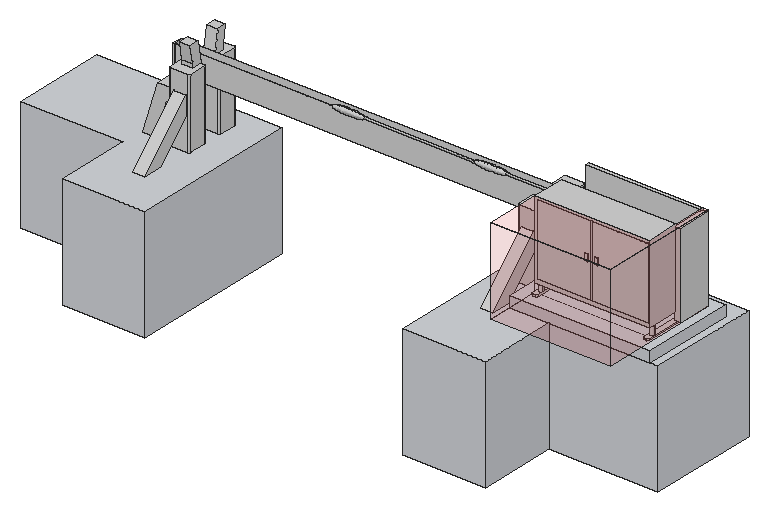
Revit family "Barrier_Gate-Assembly_AutoGate_Shield-M50", category Generic Models, Revit 2015
Parameters (values of type "as Specified")
  lightcontrol [instance] = Clear Opening Width / 2  # 8' - 0"
  gateclear [instance] = 1' - 6 13/16"  # constant formula
  Warranty Duration (Years) = 0
  Warning Light Color [instance] = none
  Unit Width [instance] = Clear Opening Width + 1' 8" + 1' 9"  # 19' - 5"
  Unit Height [instance] = 8' - 0"
  Unit Depth = 0' - 4"
  URL = "http://autogate.com/"
  Standards Conformance = "ASTM F2656 M50/P1  ;  DOS K12/L3"
  Specification = "http://www.arcat.com/sdspecs/htm04/32_31_00saf.htm"
  SpecWizard = ""
  Space Below Gate [instance] = 0' - 3"
  Show Default Concrete Foundation [instance] = yes
  Show Clearance Box for Operator Maintenance [instance] = yes
  Shield Arm Color [instance] = Metal - Aluminum - Finish as Specified
  Send Message = ""
  Sales Information = "http://autogate.com/about-us/contact/"
  Revision = "R1_2016-11"
  Product Properties = ""
  Product Data = "http://www.arcat.com/arcatcos/cos48/arc48891.html"
  Model = "The Shield M50"
  Maximum Clear Opening [instance] = 17' - 0"  # constant formula
  Mass Interior Design Shape Visible [instance] = yes
  Manufacturer Website = "http://autogate.com/"
  Manufacturer Phone - Toll Free = "800-944-4283"
  Manufacturer Phone = "419-588-2796"
  Manufacturer Fax = "419-588-3514"
  Manufacturer Address = "7306 Driver Rd.  P. O. Box 50  Berlin Heights, OH 44814"
  Manufacturer = "AutoGate, Inc"
  Maintenance Schedule (Months) = 0
  Lift Travel Speed = "10 - 14 seconds"
  Keynote = "32 21 00"
  Installation-Fabrication = ""
  Installation Phase = ""
  Include Warning Lights [instance] = yes
  Has Battery Backup = no
  Hardware Finish [instance] = Metal - Aluminum - Finish as Specified
  Green Building-LEED = ""
  Frame Finish [instance] = Metal - Aluminum - Finish as Specified
  Expected Lifespan (Years) = 0
  Electrical_Voltage = 115 V
  Drawn By = "Sumex Design, Inc. / Robert S. Weygant, CSI, CDT, SCIP"
  Description = "AutoGate Anti-Ram M50 Vertical Pivot Gate - The Shield with Arm Design as Specified"
  Default Elevation = 0' - 0"
  Cover Finish [instance] = Metal - Aluminum - Finish as Specified
  Copyright = "©Arcat Inc."
  Construction Details = "http://www.arcat.com/details/autogate/autogate.html?coid=48891"
  Clearance Material [instance] = ARCAT Clearance
  Clear Opening Width [instance] = 16' - 0"
  Bottom Rail Height [instance] = 0' - 4 1/2"
  Barrier Open [instance] = not(Barrier Closed)  # no
  Barrier Interior Material [instance] = Metal - Linked Aluminum - Finish as Specified
  Barrier Guard Extension [instance] = 0' - 6 1/4"
  Barrier Closed [instance] = yes
  Available Options [instance] = "as Specified"
  Assembly Code = "E1030900"
Reference planes (in)
  plane 1 "Center (Front/Back)": y = 0
  plane 2 "Bottom": z = 0
  plane 3 "Center (Left/Right)": x = 0
  plane 4: x = -96
  plane 5: x = 96
  plane 6: z = 15
  plane 7: x = 114
  plane 8: z = 36
  plane 9: z = 228
Forms (in)
  Extrusion 1, solid, visible <- "Show Default Concrete Foundation"
    sketch origin (0, 0, 0) x (1, 0, 0) y (0, 1, 0)
      loop
        line (-186, 28) -> (-186, -28) -> (-126, -28) -> (-126, -72) -> (-78, -72) -> (-78, 28) -> (-186, 28)
      loop
        line (82.5, -84) -> (130.5, -84) -> (130.5, -38) -> (194.5, -38) -> (194.5, 28) -> (82.5, 28) -> (82.5, -84)
    from 0 to -66
  Extrusion 2, solid, visible <- "Show Default Concrete Foundation"
    sketch origin (0, 0, 0) x (1, 0, 0) y (0, 1, 0)
      loop
        line (108, 17) -> (108, -38) -> (190, -38) -> (190, 17) -> (108, 17)
    from 0 to 6
  Extrusion 3, solid, material "Metal - Aluminum - Finish as Specified" <- "Hardware Finish"
    sketch origin (0, 0, 0) x (1, 0, 0) y (0, 1, 0)
      loop
        arc (96, 6) -> (96.29289, 5.29289) -> (97, 5) r 1
        line (97, 5) -> (107, 5)
        arc (107, 5) -> (107.70711, 5.29289) -> (108, 6) r 1
        line (108, 6) -> (108, 16)
        arc (108, 16) -> (107.70711, 16.70711) -> (107, 17) r 1
        line (107, 17) -> (97, 17)
        arc (97, 17) -> (96.29289, 16.70711) -> (96, 16) r 1
        line (96, 16) -> (96, 6)
      loop
        line (96, -6) -> (96, -16)
        arc (96, -16) -> (96.29289, -16.70711) -> (97, -17) r 1
        line (97, -17) -> (107, -17)
        arc (107, -17) -> (107.70711, -16.70711) -> (108, -16) r 1
        line (108, -16) -> (108, -6)
        arc (108, -6) -> (107.70711, -5.29289) -> (107, -5) r 1
        line (107, -5) -> (97, -5)
        arc (97, -5) -> (96.29289, -5.29289) -> (96, -6) r 1
      loop
        line (-96, 6) -> (-96, 16)
        arc (-96, 16) -> (-96.29289, 16.70711) -> (-97, 17) r 1
        line (-97, 17) -> (-107, 17)
        arc (-107, 17) -> (-107.70711, 16.70711) -> (-108, 16) r 1
        line (-108, 16) -> (-108, 6)
        arc (-108, 6) -> (-107.70711, 5.29289) -> (-107, 5) r 1
        line (-107, 5) -> (-97, 5)
        arc (-97, 5) -> (-96.29289, 5.29289) -> (-96, 6) r 1
      loop
        arc (-96, -6) -> (-96.29289, -5.29289) -> (-97, -5) r 1
        line (-97, -5) -> (-107, -5)
        arc (-107, -5) -> (-107.70711, -5.29289) -> (-108, -6) r 1
        line (-108, -6) -> (-108, -16)
        arc (-108, -16) -> (-107.70711, -16.70711) -> (-107, -17) r 1
        line (-107, -17) -> (-97, -17)
        arc (-97, -17) -> (-96.29289, -16.70711) -> (-96, -16) r 1
        line (-96, -16) -> (-96, -6)
    from 0 to 40.75
  Extrusion 4, solid, material "Metal - Aluminum - Finish as Specified" <- "Hardware Finish"
    sketch origin (0, 0, 0) x (1, 0, 0) y (0, 0, 1)
      loop
        line (-116.1875, 29) -> (-125.10147, 0) -> (-116.41059, 0) -> (-110.89242, 21) -> (-108, 21) -> (-108, 29) -> (-116.1875, 29)
    from 15 to 7
  Extrusion 5, solid, material "Metal - Aluminum - Finish as Specified" <- "Hardware Finish"
    sketch origin (0, 0, 0) x (1, 0, 0) y (0, 0, 1)
      loop
        line (-108, 21) -> (-108, 29) -> (-116.1875, 29) -> (-125.10147, 0) -> (-116.41059, 0) -> (-110.89242, 21) -> (-108, 21)
    from -15 to -7
  Extrusion 6, solid, material "Metal - Aluminum - Finish as Specified" <- "Hardware Finish"
    sketch origin (96, -180, 63.31719) x (0, 0, 1) y (0, -1, 0)
      loop
        line (-33.56719, -163) -> (-63.31719, -133.25) -> (-63.31719, -144.56371) -> (-44.8809, -163) -> (-33.56719, -163)
    from 2 to 9
  Extrusion 7, solid, material "Metal - Aluminum - Finish as Specified" <- "Hardware Finish"
    sketch origin (-96, -180, 63.31719) x (0, 0, 1) y (0, -1, 0)
      loop
        line (-33.56719, -163) -> (-63.31719, -133.25) -> (-63.31719, -144.56371) -> (-44.8809, -163) -> (-33.56719, -163)
    from -9 to -2
  Extrusion 8, solid, material "Metal - Aluminum - Finish as Specified" <- "Shield Arm Color", visible <- "Barrier Closed"
    sketch origin (0, 0, 0) x (1, 0, 0) y (0, 0, 1)
      loop
        line (-116, 44) -> (-116, 29.5) -> (118, 29.5) -> (118, 44) -> (-116, 44)
    from 2.5574 to 2.77886
  Extrusion 9, solid, material "Metal - Aluminum - Finish as Specified" <- "Shield Arm Color", visible <- "Barrier Closed"
    sketch origin (0, 0, 0) x (1, 0, 0) y (0, 0, -1)
      loop
        line (-116, -44) -> (118, -44) -> (118, -29.5) -> (-116, -29.5) -> (-116, -44)
    from 2.5574 to 2.77886
  Extrusion 10, solid, material "Metal - Aluminum - Finish as Specified" <- "Shield Arm Color", visible <- "Barrier Open"
    sketch origin (127.5, 0, 141.5) x (0, 0, -1) y (1, 0, 0)
      loop
        line (-106.75, 11.5) -> (-106.75, -3) -> (105.5, -3) -> (105.5, 11.5) -> (-106.75, 11.5)
    from 2.5574 to 2.77886
  Extrusion 11, solid, material "Metal - Aluminum - Finish as Specified" <- "Shield Arm Color", visible <- "Barrier Open"
    sketch origin (127.5, 0, 141.5) x (0, 0, -1) y (-1, 0, 0)
      loop
        line (-106.75, -11.5) -> (105.5, -11.5) -> (105.5, 3) -> (-106.75, 3) -> (-106.75, -11.5)
    from 2.5574 to 2.77886
  Extrusion 12, solid, material "Metal - Aluminum - Finish as Specified" <- "Hardware Finish"
    sketch origin (0, 0, 0) x (1, 0, 0) y (0, 0, -1)
      loop
        line (108, -39.25) -> (134.47446, 0) -> (127.23715, 0) -> (108, -28.52025) -> (108, -39.25)
    from 16 to 13
  Extrusion 13, solid, material "Metal - Aluminum - Finish as Specified" <- "Shield Arm Color", visible <- "Barrier Closed"
    sketch origin (0, 0, 0) x (1, 0, 0) y (0, 0, 1)
      loop
        line (-117, 44) -> (-117, 29.5) -> (-116, 29.5) -> (-116, 44) -> (-117, 44)
    from -2.77886 to 2.77886
  Extrusion 14, solid, material "Metal - Aluminum - Finish as Specified" <- "Shield Arm Color", visible <- "Barrier Open"
    sketch origin (0, 0, 0) x (1, 0, 0) y (0, 0, 1)
      loop
        line (124.5, 248.25) -> (139, 248.25) -> (139, 249.25) -> (124.5, 249.25) -> (124.5, 248.25)
    from -2.77886 to 2.77886
  Extrusion 15, solid, material "Metal - Aluminum - Finish as Specified" <- "Hardware Finish"
    sketch origin (-96, -180, 63.31719) x (0, 0, 1) y (0, -1, 0)
      loop
        line (-22.56719, -175) -> (-9.81719, -172.75183) -> (-9.81719, -167.19265) -> (-20.06719, -169) -> (-22.56719, -169) -> (-22.56719, -175)
      loop
        line (-22.56719, -185) -> (-22.56719, -191) -> (-20.06719, -191) -> (-9.81719, -192.80735) -> (-9.81719, -187.24817) -> (-22.56719, -185)
    from -9 to -3
  Extrusion 16, solid, material "Metal - Aluminum - Finish as Specified" <- "Shield Arm Color"
    sketch origin (0, 0, 0) x (1, 0, 0) y (0, 0, 1)
      loop
        circle (-111, 36.25) r 1.25
      loop
        circle (110.19215, 36.25) r 1.25
    from 7.5 to -7.5
Lines and regions (in)
  reference lines
    curve 1: line (114, 0, 15) -> (114, 0, 24.25)
Dimensions and locks (in)
  equal spacing: plane 5, plane 3 "Center (Left/Right)", plane 4
  "Clear Opening Width": plane 5 to plane 4
  locked: Extrusion 1 sketch curve to Extrusion 1 sketch curve at 108
  locked: Extrusion 1 sketch curve to plane 4 at 90
  locked: plane 5 to Extrusion 3 sketch curve at 12  (x2)
  Extrusion 3 sketch curve to Extrusion 3 sketch curve to plane 1 "Center (Front/Back)" to Extrusion 3 sketch curve to Extrusion 3 sketch curve = 1' - 0" locked, 0' - 5" locked, 0' - 5" locked, 1' - 0" locked  (x2)
  locked: Extrusion 3 sketch curve to plane 4 at 12  (x2)
  plane 7 to plane 5 = 1' - 6"
  locked: plane 6 to level at 15
  locked: plane 8 to plane 6 at 21
  "Clear Opening Width": plane 9 to plane 8
  Extrusion 1 sketch curve to Extrusion 1 sketch curve to plane 1 "Center (Front/Back)" to Extrusion 1 sketch curve = 3' - 8" locked, 2' - 4" locked, 2' - 4" locked
  Extrusion 1 sketch curve to Extrusion 1 sketch curve to plane 1 "Center (Front/Back)" to Extrusion 1 sketch curve = 3' - 10" locked, 3' - 2" locked, 2' - 4" locked
  Extrusion 1 sketch curve to plane 5 to Extrusion 1 sketch curve to Extrusion 1 sketch curve = 1' - 1 1/2" locked, 2' - 10 1/2" locked, 5' - 4" locked
  locked: Extrusion 1 sketch curve to plane 4 at 30
  plane 4 to Extrusion 5 sketch curve to Extrusion 5 sketch curve to Extrusion 5 sketch curve to Extrusion 5 sketch curve to Extrusion 5 sketch curve = 1' - 0" locked, 0' - 2.89242" locked, 0' - 5.29508" locked, 0' - 0.22309" locked, 0' - 8.69088" locked
  plane 4 to Extrusion 4 sketch curve to Extrusion 4 sketch curve to Extrusion 4 sketch curve to Extrusion 4 sketch curve to Extrusion 4 sketch curve = 1' - 0" locked, 0' - 2.89242" locked, 0' - 5.29508" locked, 0' - 0.22309" locked, 0' - 8.69088" locked
  plane 5 to Extrusion 2 sketch curve to Extrusion 2 sketch curve = 1' - 0" locked, 6' - 10" locked
  locked: plane 4 to Extrusion 8 sketch curve at 20
  locked: plane 4 to Extrusion 9 sketch curve at 20
  locked: Extrusion 8 sketch curve to plane 5 at 22
  locked: Extrusion 9 sketch curve to plane 5 at 22
  Extrusion 12 sketch curve to Extrusion 12 sketch curve to plane 2 "Bottom" = 0' - 10.72975" locked, 2' - 4.52025" locked
  Extrusion 12 sketch curve to Extrusion 12 sketch curve to Extrusion 12 sketch curve to plane 5 = 0' - 7.23731" locked, 1' - 7.23715" locked, 1' - 0" locked
  Extrusion 8 sketch curve to level = 2' - 5 1/2"
  locked: Extrusion 8 sketch curve to Extrusion 8 sketch curve at 14.5
  Extrusion 9 sketch curve to Extrusion 9 sketch curve to level = 1' - 2 1/2" locked, 2' - 5 1/2" locked
  Extrusion 7 sketch curve to Extrusion 7 sketch curve to plane 2 "Bottom" = 0' - 11.31371" locked, 1' - 6.43629" locked
  Extrusion 7 sketch curve to Extrusion 7 sketch curve to Extrusion 7 sketch curve to plane 1 "Center (Front/Back)" = 0' - 11.31371" locked, 1' - 6.43629" locked, 1' - 5" locked
  Extrusion 6 sketch curve to Extrusion 6 sketch curve to Extrusion 6 sketch curve to plane 1 "Center (Front/Back)" = 0' - 11.31371" locked, 1' - 6.43629" locked, 1' - 5" locked
  Extrusion 6 sketch curve to Extrusion 6 sketch curve to plane 2 "Bottom" = 0' - 11.31371" locked, 1' - 6.43629" locked
  locked: Extrusion 10 sketch curve to plane 9 at 20.25
  locked: Extrusion 11 sketch curve to plane 9 at 20.25
  plane 4 to Extrusion 13 sketch curve to Extrusion 13 sketch curve = 1' - 8" locked, 0' - 1" locked
  Extrusion 13 sketch curve to Extrusion 13 sketch curve to plane 2 "Bottom" = 1' - 2 1/2" locked, 2' - 5 1/2" locked
  locked: Extrusion 14 sketch curve to Extrusion 14 sketch curve at 14.5
  Extrusion 14 sketch curve to Extrusion 14 sketch curve to plane 9 = 0' - 1" locked, 1' - 8 1/4" locked
  Extrusion 10 sketch curve to Extrusion 10 sketch curve to plane 5 = 1' - 2 1/2" locked, 2' - 4 1/2" locked
  Extrusion 11 sketch curve to Extrusion 11 sketch curve to plane 5 = 1' - 2 1/2" locked, 2' - 4 1/2" locked
  locked: Extrusion 14 sketch curve to plane 5 at 28.5
  aligned and locked: plane 5 to Extrusion 3 sketch curve
  aligned and locked: Extrusion 3 sketch curve to plane 5
  aligned and locked: plane 7 to curve 1
  aligned and locked: plane 6 to curve 1
  aligned and locked: plane 8 to Extrusion 10 sketch curve
  aligned and locked: Extrusion 11 sketch curve to plane 8
  aligned and locked: plane 5 to nested 1
Automatic sketch dimensions
  curve 1 to curve 1 = 0' - 9 1/4"
  Extrusion 4 sketch curve to level = 0' - 0"
  plane 6 to Extrusion 4 sketch curve = 0' - 6"
  Extrusion 4 sketch curve to Extrusion 4 sketch curve = 0' - 8"
  Extrusion 5 sketch curve to level = 0' - 0"
  plane 6 to Extrusion 5 sketch curve = 0' - 6"
  Extrusion 5 sketch curve to Extrusion 5 sketch curve = 0' - 8"
  Extrusion 3 sketch curve to plane 4 = 0' - 0"  (x2)
  Extrusion 3 sketch curve to Extrusion 3 sketch curve = 0' - 1"  (x12)
  Extrusion 3 sketch curve to plane 4 = 0' - 1"  (x3)
  plane 5 to Extrusion 3 sketch curve = 0' - 1"
  plane 1 "Center (Front/Back)" to Extrusion 2 sketch curve = 3' - 2"
  Extrusion 2 sketch curve to plane 1 "Center (Front/Back)" = 1' - 5"
  Extrusion 12 sketch curve to level = 0' - 0"
  Extrusion 7 sketch curve to level = 0' - 0"
  Extrusion 6 sketch curve to level = 0' - 0"
  plane 8 to Extrusion 16 sketch curve = 0' - 0 1/4"  (x2)
  Extrusion 16 sketch curve to plane 4 = 1' - 3"
  Extrusion 16 sketch curve to plane 7 = 0' - 3.80785"
  plane 8 to Extrusion 15 sketch curve = 0' - 4 3/4"  (x2)
  Extrusion 15 sketch curve to Extrusion 15 sketch curve = 0' - 2 1/2"  (x2)
  Extrusion 15 sketch curve to Extrusion 15 sketch curve = 0' - 10 1/4"  (x2)
  Extrusion 15 sketch curve to plane 1 "Center (Front/Back)" = 1' - 0.80735"
  Extrusion 15 sketch curve to Extrusion 15 sketch curve = 0' - 1.80735"
  Extrusion 15 sketch curve to Extrusion 15 sketch curve = 0' - 6"  (x2)
  plane 1 "Center (Front/Back)" to Extrusion 15 sketch curve = 0' - 5"
  plane 1 "Center (Front/Back)" to Extrusion 15 sketch curve = 0' - 7.24817"
  Extrusion 15 sketch curve to Extrusion 15 sketch curve = 0' - 5.55918"  (x2)
  radius of Extrusion 16 sketch curve = 0' - 1 1/4"  (x2)
Nested families (in)
  nested 1: "Barrier_Gate-Operator_AutoGate_Pivot" at (180.8125, 0, 6), Clearance Box Material <- "Clearance Material", Frame Finish <- "Cover Finish", Space Below Gate <- "Space Below Gate", Clearance Box for Maintenance <- "Show Clearance Box for Operator Maintenance", Closed <- "Barrier Closed", Open <- "Barrier Open", Clear Location <- "gateclear", Warning Light Color <- "Warning Light Color", Warning Light <- "Include Warning Lights", Gate Height <- "Unit Height", Unit Width <- "Unit Width", lightcontrol <- "lightcontrol", type "as Specified"
    with warningopen no, warningclosed yes, lightcontrol 8' - 0", Warning Light Color none, Warning Light yes, Unit Width 19' - 5", Space Below Gate 0' - 3", Open no, Guard Depth 0' - 3 1/2", Gate Height 8' - 0", Frame Finish Metal - Aluminum - Finish as Specified, Closed yes, Clearance Box for Maintenance yes, Clearance Box Material ARCAT Clearance, Clear Location 1' - 6 13/16", ArmOnly yes
Connectors (in)
  electrical at (183.51817, 10, 31.5), driven by "Electrical_Voltage"
    settings: on nested 1, index 1, voltage 115 V, apparent load 0 VA, apparent load phase1 0 VA, apparent load phase2 0 VA, apparent load phase3 0 VA, power factor 1, load classification "Other", number of poles 1, system type 31, power factor state 1, is connector primary yes, connector utility no, sub classification motor no, connector description ""
Definition of nested family "Barrier_Gate-Operator_AutoGate_Pivot"
  Parameters
    warningopen [instance] = and(Warning Light, Open)  # yes
    warningclosed [instance] = and(Warning Light, Closed)  # yes
    lightcontrol [instance] = 1' - 0.85416"
    Warranty Duration (Years) = 0
    Warning Light Color [instance] = none
    Warning Light [instance] = yes
    Unit Width [instance] = 11' - 0"
    Unit Depth = 2' - 4"
    URL = ""
    Specification = ""
    SpecWizard = ""
    Space Below Gate [instance] = 0' - 3"
    Send Message = ""
    Sales Information = ""
    Revision = "R1_2016-11"
    Product Properties = ""
    Product Data = ""
    Open [instance] = yes
    Model = "As Specified"
    Manufacturer Website = ""
    Manufacturer Phone - Toll Free = ""
    Manufacturer Phone = ""
    Manufacturer Fax = ""
    Manufacturer Address = ""
    Manufacturer = ""
    Maintenance Schedule (Months) = 0
    Keynote = ""
    Installation-Fabrication = ""
    Installation Phase = ""
    Guard Depth [instance] = if(ArmOnly, 0' 3 1/2", if(Gate Height < 6' 0", 0' 2 1/2", if(Gate Height < 7' 0", 0' 5 1/2", if(Gate Height < 8' 0", 1' 6 5/8", if(Gate Height < 9' 0", 2' 6 5/8", if(Gate Height < 10' 0", 3' 6 5/8", 0' 3 1/2"))))))  # 0' - 3 1/2"
    Green Building-LEED = ""
    Gate Height [instance] = 4' - 2"
    Frame Finish [instance] = none
    Expected Lifespan (Years) = 0
    Drawn By = "Sumex Design, Inc. / Robert S. Weygant, CSI, CDT, SCIP"
    Description = ""
    Default Elevation = 0' - 0"
    Copyright = "©Arcat Inc."
    Construction Details = ""
    Closed [instance] = yes
    Clearance Box for Maintenance [instance] = yes
    Clearance Box Material [instance] = none
    Clear Location [instance] = 1' - 0"
    Assembly Code = ""
    ArmOnly [instance] = yes
  Reference planes (in)
    plane 1 "Center (Front/Back)": y = 0
    plane 2 "Bottom": z = 0
    plane 3 "Center (Left/Right)": x = 0
    plane 4: x = -78
    plane 5: x = -66
    plane 6: x = -198
    plane 7: z = 7
    plane 8: x = 1
    plane 9: z = 139
  Forms (in)
    Extrusion 1, solid, material <- "Frame Finish"
      sketch origin (0, 0, 0) x (1, 0, 0) y (0, 0, 1)
        loop
          line (-66, 5.0625) -> (1, 5.0625) -> (1, 50.6875) -> (-66, 50.6875) -> (-66, 5.0625)
      from 8.75 to 28.25
    Extrusion 2, solid, material <- "Frame Finish"
      sketch origin (0, 0, 0) x (1, 0, 0) y (0, 0, -1)
        loop
          line (-66, -5.0625) -> (-66, -50.6875) -> (1, -50.6875) -> (1, -5.0625) -> (-66, -5.0625)
      from 8.8125 to 10.8125
    Extrusion 3, solid, material <- "Frame Finish"
      sketch origin (0, 0, 0) x (1, 0, 0) y (0, 0, 1)
        loop
          line (4.5, 50) -> (1, 50) -> (1, 1) -> (4.5, 1) -> (4.5, 50)
      from -10 to 10
    Extrusion 4, solid, material <- "Frame Finish"
      sketch origin (0, 0, 0) x (1, 0, 0) y (0, 0, 1)
        loop
          line (-66, 5.0625) -> (1, 5.0625) -> (1, 7) -> (-66, 7) -> (-66, 5.0625)
      from -10 to 10
    Extrusion 5, solid, material <- "Frame Finish"
      sketch origin (0, -28.25, 0) x (1, 0, 0) y (0, 0, 1)
        loop
          line (-64, 7.8125) -> (-33, 7.8125) -> (-33, 49.1875) -> (-64, 49.1875) -> (-64, 7.8125)
        loop
          line (-32, 7.8125) -> (0.5, 7.8125) -> (0.5, 49.1875) -> (-32, 49.1875) -> (-32, 7.8125)
      from 0.28125 to 0
    Extrusion 6, solid, material <- "Frame Finish"
      sketch origin (0, -28.53125, 0) x (1, 0, 0) y (0, 0, 1)
        loop
          line (-36.49692, 31.23717) -> (-36.49692, 27.48717) -> (-34.74692, 27.48717) -> (-34.74692, 31.23717) -> (-36.49692, 31.23717)
        loop
          line (-30.49692, 31.23717) -> (-30.49692, 27.48717) -> (-28.74692, 27.48717) -> (-28.74692, 31.23717) -> (-30.49692, 31.23717)
      from 0.25 to 0
    Extrusion 7, solid, material <- "Clearance Box Material", visible <- "Clearance Box for Maintenance"
      sketch origin (0, 0, 0) x (1, 0, 0) y (0, 1, 0)
        loop
          line (-66, -28.25) -> (-66, -60.75) -> (4.5, -60.75) -> (4.5, 10.8125) -> (1, 10.8125) -> (1, -28.25) -> (-66, -28.25)
      from 0 to 50.6875
    Extrusion 8, solid, material <- "Frame Finish"
      sketch origin (0, 0, 0) x (1, 0, 0) y (0, 1, 0)
        loop
          line (-65.25, -31) -> (-63.25, -31) -> (-62.5, -30.25) -> (-62.5, 11.5) -> (-66, 11.5) -> (-66, -30.25) -> (-65.25, -31)
        loop
          line (-0.25, -31) -> (1.75, -31) -> (2.5, -30.25) -> (2.5, 11.5) -> (-1, 11.5) -> (-1, -30.25) -> (-0.25, -31)
      from 0 to 0.75
    Extrusion 9, solid, material <- "Frame Finish"
      sketch origin (0, 0, 0) x (1, 0, 0) y (0, 1, 0)
        loop
          circle (-64.26725, -25.91368) r 1.25
        loop
          circle (-64.26725, 8.33632) r 1.25
        loop
          circle (0.73275, -25.91368) r 1.25
        loop
          circle (0.73275, 8.33632) r 1.25
      from 0.75 to 5.0625
    Revolve 10, solid, material <- "Frame Finish", visible <- "warningclosed"
      sketch origin (0.17287, -4, -0.0613) x (1, 0, 0) y (0, 0, 1)
        loop
          line (-66, 39) -> (-66, 39.5) -> (-102.1875, 39.5)
          spline (-102.1875, 39.5) -> (-102.49417, 39.75882) -> (-103.39327, 40) -> (-104.82354, 40.20711) -> (-106.6875, 40.36603) -> (-108.85813, 40.46593) -> (-111.1875, 40.5) -> (-113.51687, 40.46593) -> (-115.6875, 40.36603) -> (-117.55146, 40.20711) -> (-118.98173, 40) -> (-119.88083, 39.75882) -> (-120.1875, 39.5)
          line (-120.1875, 39.5) -> (-167.31871, 39.5)
          spline (-167.31871, 39.5) -> (-167.62538, 39.75882) -> (-168.52448, 40) -> (-169.95475, 40.20711) -> (-171.81871, 40.36603) -> (-173.98934, 40.46593) -> (-176.31871, 40.5) -> (-178.64808, 40.46593) -> (-180.81871, 40.36603) -> (-182.68267, 40.20711) -> (-184.11294, 40) -> (-185.01205, 39.75882) -> (-185.31871, 39.5)
          line (-185.31871, 39.5) -> (-185.31871, 39) -> (-66, 39)
        axis (-66, 39) -> (-185.31871, 39)
      angle from 0 to 360
    Revolve 11, solid, material <- "Frame Finish", visible <- "warningopen"
      sketch origin (-81.63408, -4, -31.75) x (0, 0, -1) y (1, 0, 0)
        loop
          line (-38.75, 48.80695) -> (-38.75, 49.30695) -> (-74.75, 49.30695)
          spline (-74.75, 49.30695) -> (-75.05667, 49.56577) -> (-75.95577, 49.80695) -> (-77.38604, 50.01405) -> (-79.25, 50.17297) -> (-81.42063, 50.27287) -> (-83.75, 50.30695) -> (-86.07937, 50.27287) -> (-88.25, 50.17297) -> (-90.11396, 50.01405) -> (-91.54423, 49.80695) -> (-92.44333, 49.56577) -> (-92.75, 49.30695)
          line (-92.75, 49.30695) -> (-139.89584, 49.30695)
          spline (-139.89584, 49.30695) -> (-140.20251, 49.56577) -> (-141.10161, 49.80695) -> (-142.53188, 50.01405) -> (-144.39584, 50.17297) -> (-146.56647, 50.27287) -> (-148.89584, 50.30695) -> (-151.22521, 50.27287) -> (-153.39584, 50.17297) -> (-155.2598, 50.01405) -> (-156.69007, 49.80695) -> (-157.58917, 49.56577) -> (-157.89584, 49.30695)
          line (-157.89584, 49.30695) -> (-157.89584, 48.80695) -> (-38.75, 48.80695)
        axis (-38.75, 48.80695) -> (-157.89584, 48.80695)
      angle from 0 to 360
  Cuts and joins
    joined: Extrusion 1, Extrusion 2, Extrusion 4
  Dimensions and locks (in)
    locked: plane 3 "Center (Left/Right)" to plane 5 at 66
    "Clear Location": plane 4 to plane 5
    "Unit Width": plane 6 to plane 5
    locked: plane 7 to level at 7
    locked: plane 8 to plane 3 "Center (Left/Right)" at 1
    "Unit Width": plane 9 to plane 7
    locked: Revolve 10 sketch curve to Revolve 10 sketch curve at 18  (x2)
    locked: Revolve 11 sketch curve to Revolve 11 sketch curve at 18  (x2)
    locked: Revolve 10 sketch curve to plane 5 at 36.01463
    "lightcontrol": Revolve 10 sketch curve to plane 6
    locked: Revolve 11 sketch curve to plane 7 at 36
    "lightcontrol": plane 9 to Revolve 11 sketch curve
    "Guard Depth": plane 8 to Extrusion 3 sketch curve
    "Guard Depth": plane 8 to Extrusion 7 sketch curve
  Automatic sketch dimensions
    plane 3 "Center (Left/Right)" to Extrusion 3 sketch curve = 0' - 1"
    level to Extrusion 3 sketch curve = 0' - 1"
    Extrusion 6 sketch curve to Extrusion 5 = 2' - 3.50308"
    Extrusion 6 sketch curve to Extrusion 6 sketch curve = 0' - 1 3/4"  (x2)
    Extrusion 6 sketch curve to Extrusion 5 = 0' - 1.50308"
    Extrusion 6 sketch curve to Extrusion 5 = 1' - 9.70033"  (x2)
    Extrusion 6 sketch curve to Extrusion 6 sketch curve = 0' - 3 3/4"  (x2)
    level to Extrusion 2 sketch curve = 0' - 5 1/16"
    Extrusion 2 sketch curve to plane 3 "Center (Left/Right)" = 5' - 6"
    plane 3 "Center (Left/Right)" to Extrusion 2 sketch curve = 0' - 1"
    Extrusion 5 sketch curve to Extrusion 1 = 0' - 2"
    Extrusion 5 sketch curve to Extrusion 1 = 0' - 2 3/4"
    Extrusion 5 sketch curve to Extrusion 5 sketch curve = 2' - 7"
    Extrusion 5 sketch curve to Extrusion 5 sketch curve = 0' - 1"
    Extrusion 5 sketch curve to Extrusion 1 = 0' - 0 1/2"
    Extrusion 5 sketch curve to Extrusion 5 sketch curve = 0' - 0"  (x2)
    Extrusion 5 sketch curve to Extrusion 1 = 0' - 1 1/2"
    Extrusion 7 sketch curve to plane 3 "Center (Left/Right)" = 5' - 6"
    plane 3 "Center (Left/Right)" to Extrusion 7 sketch curve = 0' - 1"
    plane 1 "Center (Front/Back)" to Extrusion 7 sketch curve = 5' - 0 3/4"
    plane 1 "Center (Front/Back)" to Extrusion 7 sketch curve = 2' - 4 1/4"
    Extrusion 7 sketch curve to plane 1 "Center (Front/Back)" = 0' - 10 13/16"
    Extrusion 8 sketch curve to plane 1 "Center (Front/Back)" = 0' - 11 1/2"  (x2)
    Extrusion 8 sketch curve to plane 3 "Center (Left/Right)" = 5' - 6"
    plane 1 "Center (Front/Back)" to Extrusion 8 sketch curve = 2' - 7"  (x2)
    Extrusion 8 sketch curve to Extrusion 8 sketch curve = 0' - 0 3/4"  (x5)
    Extrusion 8 sketch curve to Extrusion 8 sketch curve = 0' - 2"
    Extrusion 8 sketch curve to Extrusion 8 sketch curve = 0' - 3 1/2"
    Extrusion 8 sketch curve to plane 3 "Center (Left/Right)" = 0' - 1"
    Extrusion 8 sketch curve to plane 3 "Center (Left/Right)" = 0' - 0 1/4"
    plane 3 "Center (Left/Right)" to Extrusion 8 sketch curve = 0' - 1 3/4"
    plane 3 "Center (Left/Right)" to Extrusion 8 sketch curve = 0' - 2 1/2"
    Extrusion 1 sketch curve to plane 3 "Center (Left/Right)" = 5' - 6"
    plane 3 "Center (Left/Right)" to Extrusion 1 sketch curve = 0' - 1"
    Extrusion 1 sketch curve to Extrusion 1 sketch curve = 3' - 9 5/8"
    Extrusion 4 sketch curve to plane 3 "Center (Left/Right)" = 5' - 6"
    plane 3 "Center (Left/Right)" to Extrusion 4 sketch curve = 0' - 1"
    Extrusion 4 sketch curve to Extrusion 4 sketch curve = 0' - 1 15/16"
    Extrusion 9 sketch curve to plane 1 "Center (Front/Back)" = 0' - 8.33632"  (x2)
    Extrusion 9 sketch curve to plane 3 "Center (Left/Right)" = 5' - 4.26725"
    Extrusion 9 sketch curve to Extrusion 9 sketch curve = 0' - 0"
    plane 3 "Center (Left/Right)" to Extrusion 9 sketch curve = 0' - 0.73275"  (x2)
    plane 1 "Center (Front/Back)" to Extrusion 9 sketch curve = 2' - 1.91368"  (x2)
    level to Extrusion 1 sketch curve = 0' - 5 1/16"
    Extrusion 2 sketch curve to Extrusion 2 sketch curve = 3' - 9 5/8"
    Extrusion 3 sketch curve to Extrusion 3 sketch curve = 4' - 1"
    level to Extrusion 4 sketch curve = 0' - 5 1/16"
    Revolve 10 sketch curve to plane 5 = 0' - 0.17287"
    plane 7 to Revolve 10 sketch curve = 2' - 7.9387"  (x2)
    plane 7 to Revolve 10 sketch curve = 2' - 8.4387"
    Revolve 10 sketch curve to plane 6 = 4' - 10.14584"
    Revolve 10 sketch curve to Revolve 10 sketch curve = 0' - 0"
    Revolve 11 sketch curve to plane 7 = 0' - 0"  (x2)
    Revolve 11 sketch curve to plane 3 "Center (Left/Right)" = 2' - 8.82713"
    Revolve 11 sketch curve to plane 3 "Center (Left/Right)" = 2' - 8.32713"
    Revolve 11 sketch curve to Revolve 11 sketch curve = 0' - 3"
    Revolve 11 sketch curve to Revolve 11 sketch curve = 0' - 0"
    radius of Extrusion 9 sketch curve = 0' - 1 1/4"  (x4)
